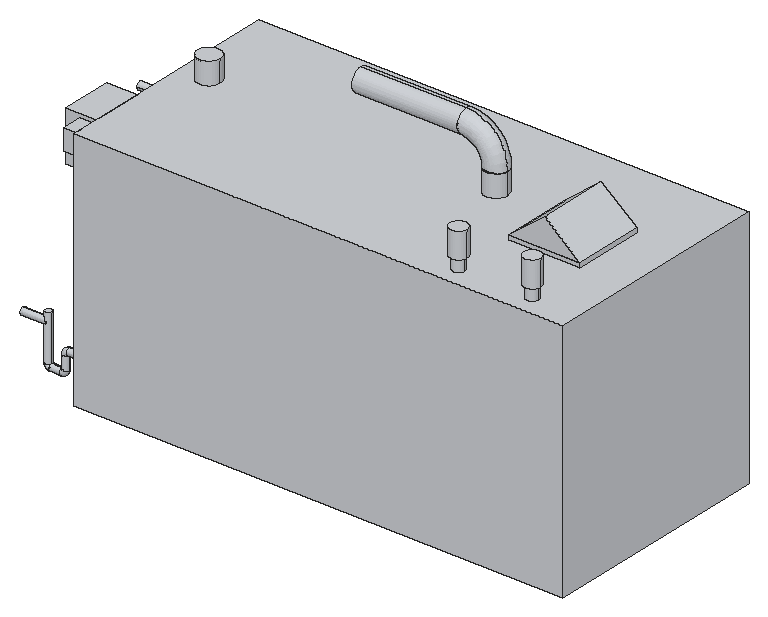
Revit family "AMP_BFIT 3500-4000 Water Heater Dual Fuel", category Mechanical Equipment, Revit 2019
Family settings
  Round Connector Dimension = Use Diameter
  Part Type = Normal
  OmniClass Number = 23.75.00.00
  OmniClass Title = Climate Control (HVAC)
  Work Plane-Based = No
  Always vertical = Yes
  Cut with Voids When Loaded = No
  Shared = No
  Room Calculation Point = No
Parameters (values of type "AMP/BFIT 3500-4000 Water Heater Dual Fuel")
  Width = 46"
  Length = 97 1/8"
  Height = 48 3/8"
  Voltage = ""
  Vent = "12\" EZ Vent"
  Manufacturer = "Bryan Steam"  # constant formula
  Hydronic Supply = "4\" Victaulic"
  Hydronic Return = "4\" Victaulic"
  Gas Train (Propane) = "2\" NPT"
  Gas Train (Natural Gas) = "2\" NPT"
  Condensate Trap = "1\" Pipe"
  Boiler Drain = "3/4\" NPT"
  Air Supply = "12\""
Reference planes
  plane 1 "Center (Front/Back)": y = 0
  plane 2: z = 0
  plane 3 "Center (Left/Right)": x = 0
  plane 4 "Vent": y = 96.749
  plane 5 "Condensate Trap": y = -457.2
  plane 6 "Supply 4" Victualic Elbow Style 10": x = 353.06
  plane 7 "3" Supply Manifold": z = 1466.85
  plane 8 "3" Supply Elbow Victaulic Style 10": y = 96.749
Forms (mm)
  Extrusion 1, solid
    sketch origin (0, 0, 0) x (1, 0, 0) y (0, 1, 0)
      loop
        line (-1233.487, 584.2) -> (-1233.487, -584.2) -> (1233.488, -584.2) -> (1233.488, 584.2) -> (-1233.487, 584.2)
    from 0 to 1228.725
  Extrusion 2, solid
    sketch origin (0, 0, 1228.725) x (1, 0, 0) y (0, 1, 0)
      loop
        line (636.435, 177.8) -> (636.435, -177.8) -> (994.474, -177.8) -> (994.474, 177.8) -> (636.435, 177.8)
    from 0 to 21.63
  Extrusion 3, solid
    sketch origin (994.474, -177.8, 1228.725) x (-1, 0, 0) y (0, 0, -1)
      loop
        line (358.038, -21.63) -> (0, -21.63) -> (179.019, -167.063) -> (358.038, -21.63)
    from 0 to -355.6
  Extrusion 4, solid
    sketch origin (0, 0, 1228.725) x (1, 0, 0) y (0, 1, 0)
      loop
        circle (-1093.787, 95.25) r 57.15
      loop
        circle (353.073, 95.25) r 57.15
    from 0 to 107.95
  Extrusion 5, solid
    sketch origin (-1233.487, -584.2, 0) x (0, 1, 0) y (0, 0, -1)
      loop
        circle (936.625, -333.375) r 158.75
      loop
        circle (936.625, -333.375) r 153.162
    from 0 to 34.925
  Sweep 6, solid
    path origin (0, -457.2, 0) x (-1, 0, 0) y (0, 0, 1)
      loop
        line (1233.487, 146.406) -> (1354.493, 146.406)
        arc (1354.493, 146.406) -> (1366.85, 141.287) -> (1371.968, 128.93) r 17.475
        line (1371.968, 128.93) -> (1371.968, 62.281)
        arc (1371.968, 62.281) -> (1377.087, 49.924) -> (1389.443, 44.806) r 17.475
        line (1389.443, 44.806) -> (1443.406, 44.806)
        arc (1443.406, 44.806) -> (1455.754, 49.92) -> (1460.868, 62.268) r 17.463
        line (1460.868, 62.268) -> (1460.868, 292.456)
    profile origin (-1293.99, -457.2, 146.406) x (0, 0, 1) y (0, 1, 0)
      loop
        circle (0, 0) r 16.701
  Revolve 7, solid
    sketch origin (0, -457.2, 0) x (-1, 0, 0) y (0, 0, 1)
      loop
        line (1589.087, 247.65) -> (1589.087, 264.351) -> (1460.5, 264.351) -> (1460.5, 247.65) -> (1589.087, 247.65)
      axis (1460.5, 247.65) -> (1589.087, 247.65)
    angle from 0 to 360
  Extrusion 8, solid
    sketch origin (-1233.487, -584.2, 0) x (0, 1, 0) y (0, 0, -1)
      loop
        line (119.888, -1223.95) -> (119.888, -1122.35) -> (18.288, -1122.35) -> (18.288, -1223.95) -> (119.888, -1223.95)
    from 0 to 63.004
  Revolve 9, solid
    sketch origin (0, 95.25, 0) x (-1, 0, 0) y (0, 0, 1)
      loop
        line (1439.862, 766.775) -> (1431.845, 919.759) -> (1178.193, 906.466) -> (1186.211, 753.482) -> (1439.862, 766.775)
      axis (1186.211, 753.482) -> (1439.862, 766.775)
    angle from 0 to 360
  Extrusion 10, solid
    sketch origin (-1233.487, -584.2, 0) x (0, 1, 0) y (0, 0, -1)
      loop
        circle (679.45, -1076.325) r 13.335
      loop
        circle (679.45, -1076.325) r 10.465
    from 0 to 146.05
  Sweep 11, solid
    path origin (0, 96.749, 0) x (-1, 0, 0) y (0, 0, 1)
      loop
        line (-354.702, 1336.675) -> (-354.702, 1339.85)
        arc (-354.702, 1339.85) -> (-310.065, 1447.613) -> (-202.302, 1492.25) r 152.4
        line (-202.302, 1492.25) -> (328.612, 1492.25)
    profile origin (310.065, 96.749, 1447.613) x (0.707107, 0, 0.707107) y (0, 1, 0)
      loop
        circle (0, 0) r 57.15
  Extrusion 12, solid
    sketch origin (-1233.487, -584.2, 0) x (0, 1, 0) y (0, 0, -1)
      loop
        line (403.225, -1227.138) -> (403.225, -973.138) -> (149.225, -973.137) -> (149.225, -1227.138) -> (403.225, -1227.138)
    from 0 to 155.575
  Extrusion 13, solid
    sketch origin (0, 0, 1228.725) x (1, 0, 0) y (0, 1, 0)
      loop
        circle (627.063, -482.6) r 30.163
      loop
        circle (998.538, -482.6) r 30.163
    from 0 to 63.5
  Extrusion 14, solid
    sketch origin (0, 0, 1292.225) x (1, 0, 0) y (0, 1, 0)
      loop
        circle (627.063, -482.6) r 42.863
      loop
        circle (998.538, -482.6) r 42.863
    from 0 to 127
  Extrusion 15, solid
    sketch origin (-1379.537, -584.2, 0) x (0, 1, 0) y (0, 0, -1)
      loop
        circle (679.45, -1076.325) r 19.05
    from 0 to 60.325
Dimensions and locks
  "Height": Extrusion 1 to level
  equal spacing: Extrusion 1 sketch curve, plane 3 "Center (Left/Right)", Extrusion 1 sketch curve
  "Length": Extrusion 1 sketch curve to Extrusion 1 sketch curve
  equal spacing: Extrusion 1 sketch curve, plane 1 "Center (Front/Back)", Extrusion 1 sketch curve
  "Width": Extrusion 1 sketch curve to Extrusion 1 sketch curve
  locked: Extrusion 2 sketch curve to Extrusion 1 at 239.014
  locked: Extrusion 2 sketch curve to Extrusion 2 sketch curve at 358.038
  locked: Extrusion 2 sketch curve to Extrusion 2 sketch curve at 355.6
  locked: Extrusion 2 sketch curve to Extrusion 1 at 406.4
  locked: Extrusion 1 to Extrusion 4 sketch curve at 488.95  (x2)
  locked: Extrusion 1 to Extrusion 5 sketch curve at 333.375
  locked: Extrusion 1 to Extrusion 5 sketch curve at 231.775
  level to plane 7 "3" Supply Manifold" = 57 3/4"
  plane 3 "Center (Left/Right)" to plane 6 "Supply 4" Victualic Elbow Style 10" = 13.9"
  locked: plane 8 "3" Supply Elbow Victaulic Style 10" to plane 1 "Center (Front/Back)" at 96.749
  locked: plane 4 "Vent" to plane 1 "Center (Front/Back)" at 96.749
  locked: plane 5 "Condensate Trap" to plane 1 "Center (Front/Back)" at 457.2
  locked: Sweep 6 sketch curve to Sweep 6 sketch curve at 88.9
  locked: Sweep 6 sketch curve to Sweep 6 sketch curve at 247.65
  locked: Revolve 7 sketch curve to Revolve 7 sketch curve at 128.588
  locked: Extrusion 8 sketch curve to Extrusion 8 sketch curve at 101.6  (x2)
  Revolve 9 sketch curve to Revolve 9 sketch curve = 6 1/32"
  Extrusion 1 to Extrusion 10 sketch curve = 42 3/8"
  equal spacing: Extrusion 1, Extrusion 10 sketch curve, Extrusion 10 sketch curve  (x2)
  locked: Extrusion 1 to Extrusion 10 sketch curve at 488.95
  locked: Extrusion 1 to Extrusion 4 sketch curve at 139.7
  locked: Extrusion 4 sketch curve to Extrusion 1 at 880.415
  locked: Extrusion 1 to Sweep 11 sketch curve at 904.875
  locked: Extrusion 1 to Sweep 11 sketch curve at 263.525
  Extrusion 1 to Extrusion 5 sketch curve = 13 1/8"
  Extrusion 1 to Extrusion 5 sketch curve = 9 1/8"
  locked: Extrusion 1 to Sweep 6 sketch curve at 138.481
  locked: Extrusion 1 to Sweep 6 sketch curve at 146.406
  locked: Revolve 9 sketch curve to Extrusion 1 at 206.375
  Extrusion 1 to Revolve 9 sketch curve = 30.188"
  locked: Extrusion 1 to Revolve 7 sketch curve at 227.013
  Extrusion 1 to Revolve 7 sketch curve = 9 3/4"  (x2)
  locked: Revolve 7 sketch curve to Revolve 7 sketch curve at 16.701
  Revolve 7 sketch curve to Revolve 7 sketch curve = 0"
  locked: Extrusion 12 sketch curve to Extrusion 1 at 1.587
  locked: Extrusion 12 sketch curve to Extrusion 12 sketch curve at 254  (x2)
  locked: Extrusion 12 sketch curve to Extrusion 1 at 149.225
  locked: Extrusion 1 to Extrusion 13 sketch curve at 101.6  (x2)
  locked: Extrusion 13 sketch curve to Extrusion 1 at 606.425
  locked: Extrusion 14 sketch curve to Extrusion 1 at 606.425
  locked: Extrusion 1 to Extrusion 14 sketch curve at 101.6  (x2)
  Extrusion 1 to Extrusion 15 sketch curve = 6"
  Extrusion 1 to Extrusion 15 sketch curve = 19 1/4"
  locked: Extrusion 13 sketch curve to Extrusion 1 at 234.95
  locked: Extrusion 14 sketch curve to Extrusion 1 at 234.95
  radius of Sweep 11 sketch curve = 6"
  diameter of Extrusion 13 sketch curve = 2 3/8"  (x2)
  diameter of Extrusion 14 sketch curve = 3 3/8"  (x2)
  diameter of Extrusion 15 sketch curve = 1 1/2"
  aligned and locked: level to plane 2
Automatic sketch dimensions
  Extrusion 3 sketch curve to Extrusion 2 = 0"  (x3)
  Extrusion 3 sketch curve to Extrusion 2 = 7.048"
  Extrusion 3 sketch curve to Extrusion 2 = 5.72571"
  Sweep 6 sketch curve to plane 5 "Condensate Trap" = 0"
  profile plane to Sweep 6 sketch curve = 0"
  Sweep 6 sketch curve to Sweep 6 sketch curve = 0.688"  (x2)
  Sweep 6 sketch curve to Sweep 6 sketch curve = 11/16"
  Sweep 6 sketch curve to Sweep 6 sketch curve = 2.624"
  Sweep 6 sketch curve to Sweep 6 sketch curve = 4.764"
  Revolve 7 sketch curve to Revolve 7 sketch curve = 0.2025"
  Revolve 7 sketch curve to Revolve 7 sketch curve = 0.828"
  Revolve 9 sketch curve to Revolve 9 sketch curve = 6.32392"
  Revolve 9 sketch curve to Revolve 9 sketch curve = 0"  (x2)
  Extrusion 1 to Extrusion 8 sketch curve = 0.188"
  Extrusion 8 sketch curve to Extrusion 1 = 0.72"
  Revolve 9 sketch curve to plane 7 "3" Supply Manifold" = 28.08536"
  Revolve 9 sketch curve to Revolve 9 sketch curve = 0.31565"
  Extrusion 10 sketch curve to Extrusion 10 sketch curve = 0"  (x2)
  Sweep 11 sketch curve to plane 8 "3" Supply Elbow Victaulic Style 10" = 0"
  Sweep 11 sketch curve to profile plane = 0"
  Sweep 11 sketch curve to plane 6 "Supply 4" Victualic Elbow Style 10" = 5.93536"
  Sweep 11 sketch curve to Sweep 11 sketch curve = 1/8"
  radius of Sweep 6 sketch curve = 0.6575"
  radius of Extrusion 5 sketch curve = 6 1/4"
  radius of Extrusion 5 sketch curve = 6.03"
  radius of Extrusion 10 sketch curve = 0.412"
  radius of Extrusion 10 sketch curve = 0.525"
  radius of Extrusion 4 sketch curve = 2 1/4"  (x2)
  radius of Sweep 11 sketch curve = 2 1/4"
Connectors
  piping at (-1093.787, 95.25, 1336.675), diameter 101.6
    settings: on Extrusion 4, index 2, connector inside diameter 24", connector length 0", flow factor 0, pipe flow 0 GPM, pressure drop 0.00 psi, fitting loss kfactor 0, connector angle 0.00°, fixture units 0, engagement length 0", angle of deflection 0.00°, flow configuration 0, flow direction 1, fitting loss method 0, system type 8, joint type 0, gender type 0, connector reference index -1, connector utility 0, adjustable connector no, is connector primary yes, connector description ""
  piping at (-1268.412, 352.425, 333.375), diameter 304.8
    settings: on Extrusion 5, index 4, connector inside diameter 24", connector length 0", flow factor 0, pipe flow 0 GPM, pressure drop 0.00 psi, fitting loss kfactor 0, connector angle 0.00°, fixture units 0, engagement length 0", angle of deflection 0.00°, flow configuration 0, flow direction 1, fitting loss method 0, system type 22, joint type 0, gender type 0, connector reference index -1, connector utility 0, adjustable connector no, is connector primary no, connector description ""
  piping at (-1589.087, -457.2, 247.65), diameter 25.4
    settings: on Revolve 7, index 6, connector inside diameter 24", connector length 0", flow factor 0, pipe flow 0 GPM, pressure drop 0.00 psi, fitting loss kfactor 0, connector angle 0.00°, fixture units 0, engagement length 0", angle of deflection 0.00°, flow configuration 0, flow direction 2, fitting loss method 0, system type 22, joint type 0, gender type 0, connector reference index -1, connector utility 0, adjustable connector no, is connector primary no, connector description ""
  piping at (-328.612, 96.749, 1492.25), diameter 101.6
    settings: on Sweep 11, index 7, connector inside diameter 24", connector length 0", flow factor 0, pipe flow 0 GPM, pressure drop 0.00 psi, fitting loss kfactor 0, connector angle 0.00°, fixture units 0, engagement length 0", angle of deflection 0.00°, flow configuration 0, flow direction 2, fitting loss method 0, system type 7, joint type 0, gender type 0, connector reference index -1, connector utility 0, adjustable connector no, is connector primary no, connector description ""
  piping at (-1439.862, 95.25, 766.775), diameter 304.8
    settings: on Revolve 9, index 9, connector inside diameter 24", connector length 0", flow factor 0, pipe flow 0 GPM, pressure drop 0.00 psi, fitting loss kfactor 0, connector angle 0.00°, fixture units 0, engagement length 0", angle of deflection 0.00°, flow configuration 0, flow direction 2, fitting loss method 0, system type 17, joint type 0, gender type 0, connector reference index -1, connector utility 0, adjustable connector no, is connector primary no, connector description ""
  piping at (627.063, -482.6, 1419.225), diameter 50.8
    settings: on Extrusion 14, index 10, connector inside diameter 24", connector length 0", flow factor 0, pipe flow 0 GPM, pressure drop 0.00 psi, fitting loss kfactor 0, connector angle 0.00°, fixture units 0, engagement length 0", angle of deflection 0.00°, flow configuration 0, flow direction 1, fitting loss method 0, system type 22, joint type 0, gender type 0, connector reference index -1, connector utility 0, adjustable connector no, is connector primary no, connector description ""
  piping at (-1439.862, 95.25, 1076.325), diameter 19.05
    settings: on Extrusion 15, index 11, connector inside diameter 24", connector length 0", flow factor 0, pipe flow 0 GPM, pressure drop 0.00 psi, fitting loss kfactor 0, connector angle 0.00°, fixture units 0, engagement length 0", angle of deflection 0.00°, flow configuration 0, flow direction 2, fitting loss method 0, system type 22, joint type 0, gender type 0, connector reference index -1, connector utility 0, adjustable connector no, is connector primary no, connector description ""
  piping at (998.538, -482.6, 1419.225), diameter 50.8
    settings: on Extrusion 14, index 12, connector inside diameter 24", connector length 0", flow factor 0, pipe flow 0 GPM, pressure drop 0.00 psi, fitting loss kfactor 0, connector angle 0.00°, fixture units 0, engagement length 0", angle of deflection 0.00°, flow configuration 0, flow direction 1, fitting loss method 0, system type 22, joint type 0, gender type 0, connector reference index -1, connector utility 0, adjustable connector no, is connector primary no, connector description ""
